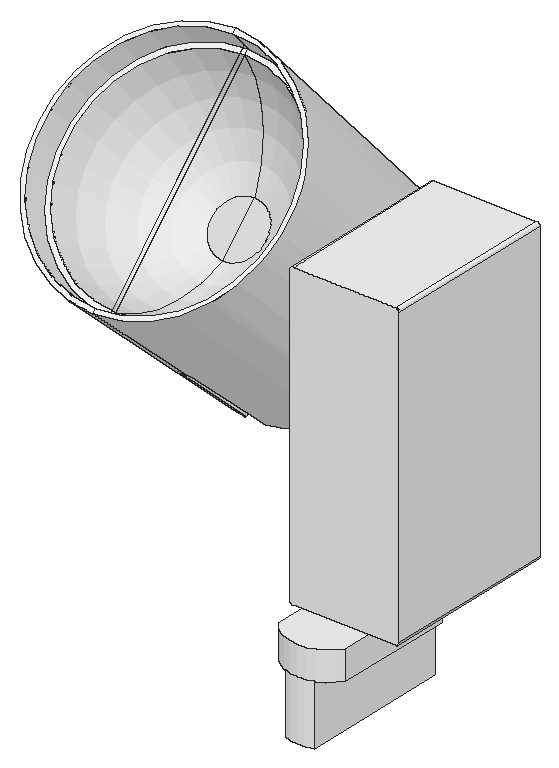
Revit family "0004830 Feilo Sylvania Lighting Fixture START TRACK SPOT L 35W 4K RA80 MB WHITE", category Lighting Fixtures, host Face, Revit 2017 (continued)
Definition of nested family "Start Track Spot Head"
  Types (96, lengths in mm): name | Wattage | built-in parameter 1150134 | Photometric Web File | Model | built-in parameter 1150105 | Lumens | built-in parameter 1150107 | built-in parameter 1150106 | HeadThickness_FEILO | HeadRibOffset_FEILO | HeadRibDepth_FEILO | HeadRibCutWidth_FEILO | HeadRibCutOffset_FEILO | HeadReflectorRadius_FEILO | HeadReflectorOffset_FEILO | HeadLEDRadius_FEILO | HeadHeight_FEILO | HeadDiffusorOffset_FEILO | HeadDiaOut_FEILO | HeadDiaIn_FEILO | HeadAxisFromTop_FEILO | Emit from Circle Diameter | built-in parameter 1150104 | Description | Apparent Load
    0004812 START TRACK SPOT S 14W 3K RA80 MB WHITE | 14 W | (empty or 0) | "0004812.ies" | "START TRACK SPOT S 14W 3K RA80 MB WHITE" | 120.32 (stored number, unit not read) | 1512 lm | 3000 (stored number, unit not read) | 1.2032 (stored number, unit not read) | 1.5 | 4.179 | 55.714 | 7.167 | 50.87 | 50.588 | 55.714 | 9.556 | 117 | 9.435 | 86 | 77.477 | 69.354 | 77.477 | 10.034 (stored number, unit not read) | "Integrated LED spotlight, Textured White - RAL9016, compact and minimalist design, ideal for retail applications, die-cast aluminium body, passive cooling heatsink. Beam angle: 36°, color temperature: 3000K , total system power: 14W, total fixture output: 1508 lm, LOR: 100%, colour rendering: Ra: 80 typical, LED Chromaticity: 3 step MacAdam ellipse, lifetime: >50000 hours at L70B50, energy class: A++, A+, A, IR/UV free light source without heat radiation, operating voltage: 220-240V / 50-60Hz, drive current: 350mA, electronic driver, non-dimmable, power factor: 0.92, electrical protection: Class II, Global Track 3 Phase adapter suitable for Global trac 3-circuit tracks, ingress protection rating: IP20, suitable for internal environment only, horizontal rotation: 355°, vertical tilt: 90°, dimensions: Ø86x140x200, weight: 0.940kg." | 14 VA
    0004811 START TRACK SPOT S 14W 3K RA80 NB WHITE | 14 W | (empty or 0) | "0004811.ies" | "START TRACK SPOT S 14W 3K RA80 NB WHITE" | 123.66 (stored number, unit not read) | 1554 lm | 3000 (stored number, unit not read) | 1.2366 (stored number, unit not read) | 1.5 | 4.179 | 55.714 | 7.167 | 50.87 | 50.588 | 55.714 | 9.556 | 117 | 9.435 | 86 | 77.477 | 69.354 | 77.477 | 10.312 (stored number, unit not read) | "Integrated LED spotlight, Textured White - RAL9016, compact and minimalist design, ideal for retail applications, die-cast aluminium body, passive cooling heatsink. Beam angle: 12°, color temperature: 3000K , total system power: 14W, total fixture output: 1551 lm, LOR: 100%, colour rendering: Ra: 80 typical, LED Chromaticity: 3 step MacAdam ellipse, lifetime: >50000 hours at L70B50, energy class: A++, A+, A, IR/UV free light source without heat radiation, operating voltage: 220-240V / 50-60Hz, drive current: 350mA, electronic driver, non-dimmable, power factor: 0.92, electrical protection: Class II, Global Track 3 Phase adapter suitable for Global trac 3-circuit tracks, ingress protection rating: IP20, suitable for internal environment only, horizontal rotation: 355°, vertical tilt: 90°, dimensions: Ø86x140x200, weight: 0.940kg." | 14 VA
  Reference planes
    plane 1 "Center (Front/Back)": y = 0
    plane 2: z = 0
    plane 3 "Center (Left/Right)": x = 0
    plane 4: x = 43
    plane 5: x = -43
    plane 6: x = -38.739
    plane 7: x = 38.739
    plane 8: z = 69.354
    plane 9: z = -47.646
    plane 10: x = -41.5
    plane 11: x = -37.239
    plane 12: z = -38.211
    plane 13: z = -35.211
    plane 14: z = 8.068
    plane 15: x = -9.556
    plane 16: x = -28.667
    plane 17: x = -19.111
    plane 18: x = -27.167
    plane 19: x = -17.611
    plane 20: x = -8.056
    plane 21: z = 13.64
    plane 22: x = -29.667
    plane 23: x = -26.167
    plane 24: x = -20.111
    plane 25: x = -16.611
    plane 26: x = -10.556
    plane 27: x = -7.056
    plane 28: x = -36.239
    plane 29: x = -40.5
    plane 30: z = 65.175
    plane 31: z = 60.997
    plane 32: z = 56.818
    plane 33: z = 18.484
    plane 34: y = -43
    plane 35: y = 43
    plane 36: y = 3.583
    plane 37: y = -3.583
    plane 38: y = -2.583
    plane 39: y = 2.583
    plane 40: y = 46
    plane 41: z = 13.5
    plane 42: z = -13.5
    plane 43: y = 39
    plane 44: x = 4.708
    plane 45: x = -2.458
    plane 46: x = -1.458
    plane 47: x = 1.458
  Forms (mm)
    Extrusion 1, solid
      sketch origin (4.2, 0, 0) x (1, 0, 0) y (0, 1, 0)
        loop
          line (-1219.2, 1219.2) -> (-1219.2, -1219.2) -> (1219.2, -1219.2) -> (1219.2, 1219.2) -> (-1219.2, 1219.2)
      from 0 to -68.017
    Revolve 2, solid, material <- "Material_1_FEILO", detail levels medium+fine
      sketch origin (0, 0, 0) x (1, 0, 0) y (0, 0, 1)
        loop
          line (-43, -47.646) -> (-41.5, -47.646) -> (-40.5, -35.211) -> (-38.739, -35.211)
          arc (-38.739, -35.211) -> (-30.16, -9.517) -> (-9.556, 8.068) r 50.588
          line (-9.556, 8.068) -> (0, 8.068) -> (0, 13.64) -> (-16.611, 13.64) -> (-17.611, 60.997) -> (-19.111, 60.997) -> (-20.111, 13.64) -> (-36.239, 13.64) -> (-37.239, 69.354) -> (-38.739, 69.354) -> (-43, -47.646)
        axis (0, 69.354) -> (0, -47.646)
      angle from 360 to 0
    Extrusion 3, void
      sketch origin (0, 0, 0) x (0, 1, 0) y (0, 0, 1)
        loop
          line (-3.583, 69.354) -> (-2.583, 18.484) -> (1.932, 18.484) -> (2.932, 69.354) -> (-3.583, 69.354)
      from 43 to -43
    Revolve 4, solid, material <- "Material_2_FEILO", detail levels medium+fine
      sketch origin (0, 0, 0) x (1, 0, 0) y (0, 0, 1)
        loop
          line (-41.5, -38.211) -> (0, -38.211) -> (0, -35.211) -> (-41.5, -35.211) -> (-41.5, -38.211)
        axis (0, -35.211) -> (0, -38.211)
      angle from 360 to 0
    Revolve 5, solid, material <- "Material_1_FEILO"
      sketch origin (0, 0, 0) x (0, 1, 0) y (0, 0, 1)
        loop
          line (46, 0) -> (39, 0) -> (39, -13.5) -> (46, -13.5) -> (46, 0)
        axis (39, 0) -> (46, 0)
      angle from 360 to 0
    Revolve 6, solid, material <- "Material_1_FEILO", detail levels medium+fine
      sketch origin (0, 0, 0) x (1, 0, 0) y (0, 0, 1)
        loop
          line (-29.667, 13.64) -> (-26.167, 13.64) -> (-27.167, 65.175) -> (-28.667, 65.175) -> (-29.667, 13.64)
        loop
          line (-10.556, 13.64) -> (-7.056, 13.64) -> (-7.833, 56.818) -> (-9.778, 56.818) -> (-10.556, 13.64)
        axis (0, 65.175) -> (0, 13.64)
      angle from 360 to 0
    Extrusion 7, void
      sketch origin (0, 0, 0) x (1, 0, 0) y (0, 0, 1)
        loop
          line (4.708, 69.354) -> (-2.458, 69.354) -> (-1.458, 13.64) -> (1.458, 13.64) -> (4.708, 69.354)
      from -43 to 43
    Revolve 8, solid, material <- "Material_1_FEILO", detail levels coarse
      sketch origin (0, 0, 0) x (1, 0, 0) y (0, 0, 1)
        loop
          line (0, 69.354) -> (-38.739, 69.354) -> (-43, -47.646) -> (-41.5, -47.646) -> (-40.731, -38.211) -> (0, -38.211) -> (0, 69.354)
        axis (0, 69.354) -> (0, -47.646)
      angle from 360 to 0
  Cuts and joins
    Extrusion 3 cuts Revolve 2
    Extrusion 7 cuts Revolve 6
  Dimensions and locks
    equal spacing: plane 7, plane 3 "Center (Left/Right)", plane 6
    equal spacing: plane 4, plane 3 "Center (Left/Right)", plane 5
    "HeadDiaOut_FEILO": plane 4 to plane 5
    "HeadDiaIn_FEILO": plane 7 to plane 6
    "HeadHeight_FEILO": plane 8 to plane 9
    "HeadThickness_FEILO": plane 10 to plane 5
    "HeadThickness_FEILO": plane 11 to plane 6
    "HeadDiffusorOffset_FEILO": plane 12 to plane 9
    "HeadDiffusorThickness_FEILO": plane 13 to plane 12
    "HeadReflectorOffset_FEILO": plane 14 to plane 9
    "HeadLEDRadius_FEILO": plane 3 "Center (Left/Right)" to plane 15
    "HeadLEDRadius_FEILO": plane 15 to plane 17
    "HeadLEDRadius_FEILO": plane 17 to plane 16
    "HeadThickness_FEILO": plane 18 to plane 16
    "HeadThickness_FEILO": plane 19 to plane 17
    "HeadThickness_FEILO": plane 20 to plane 15
    "HeadRibDepth_FEILO": plane 8 to plane 21
    "HeadDraft_FEILO": plane 16 to plane 22
    "HeadDraft_FEILO": plane 23 to plane 18
    "HeadDraft_FEILO": plane 17 to plane 24
    "HeadDraft_FEILO": plane 25 to plane 19
    "HeadDraft_FEILO": plane 15 to plane 26
    "HeadDraft_FEILO": plane 27 to plane 20
    "HeadDraft_FEILO": plane 29 to plane 10
    "HeadDraft_FEILO": plane 28 to plane 11
    "HeadRibOffset_FEILO": plane 8 to plane 30
    "HeadRibOffset_FEILO": plane 30 to plane 31
    "HeadRibOffset_FEILO": plane 31 to plane 32
    "HeadAxisFromTop_FEILO": plane 8 to plane 2
    "HeadRibCutOffset_FEILO": plane 8 to plane 33
    equal spacing: plane 34, plane 1 "Center (Front/Back)", plane 35
    "HeadDiaOut_FEILO": plane 34 to plane 35
    equal spacing: plane 38, plane 1 "Center (Front/Back)", plane 39
    equal spacing: plane 37, plane 1 "Center (Front/Back)", plane 36
    "HeadRibCutWidth_FEILO": plane 37 to plane 36
    "HeadDraft_FEILO": plane 37 to plane 38
    locked: plane 35 to plane 40 at 3
    equal spacing: plane 41, plane 2, plane 42
    locked: plane 42 to plane 41 at 27
    locked: plane 43 to plane 35 at 4
    equal spacing: plane 45, imposter light, plane 44
    "HeadDraft_FEILO": plane 46 to plane 45
    "HeadRibCutWidth_FEILO": plane 44 to plane 45
    equal spacing: plane 47, plane 3 "Center (Left/Right)", plane 46
    "HeadReflectorRadius_FEILO": radius of Revolve 2 sketch curve
    aligned and locked: plane 2 to Extrusion 1
    aligned and locked: level to Extrusion 1
    aligned and locked: Revolve 2 sketch curve to plane 3 "Center (Left/Right)"  (x2)
    aligned and locked: plane 9 to Revolve 2 sketch curve  (x2)
    aligned and locked: plane 5 to Revolve 2 sketch curve
    aligned and locked: plane 10 to Revolve 2 sketch curve
    aligned and locked: plane 14 to Revolve 2 sketch curve
    aligned and locked: plane 8 to Revolve 2 sketch curve
    aligned and locked: Revolve 2 sketch curve to plane 13
    aligned and locked: plane 12 to Revolve 4 sketch curve
    aligned and locked: plane 3 "Center (Left/Right)" to Revolve 4 sketch curve
    aligned and locked: Revolve 4 sketch curve to plane 10
    aligned and locked: Revolve 4 sketch curve to plane 3 "Center (Left/Right)"
    aligned and locked: plane 12 to imposter light
    aligned and locked: imposter light to plane 1 "Center (Front/Back)"
    aligned and locked: Revolve 5 sketch curve to plane 2
    aligned and locked: plane 43 to Revolve 5 sketch curve
    aligned and locked: plane 42 to Revolve 5 sketch curve
    aligned and locked: Revolve 6 sketch curve to plane 3 "Center (Left/Right)"
    aligned and locked: plane 22 to Revolve 6 sketch curve
    aligned and locked: plane 30 to Revolve 6 sketch curve
    aligned and locked: plane 23 to Revolve 6 sketch curve
    aligned and locked: Revolve 6 sketch curve to plane 21  (x2)
    aligned and locked: plane 21 to Revolve 6 sketch curve
    aligned and locked: plane 17 to Revolve 2 sketch curve
    aligned and locked: plane 19 to Revolve 2 sketch curve
    aligned and locked: plane 31 to Revolve 2 sketch curve
    aligned and locked: plane 21 to Revolve 2 sketch curve
    aligned and locked: Extrusion 3 to plane 8
    aligned and locked: plane 33 to Extrusion 3
    aligned and locked: plane 8 to Extrusion 3 sketch curve
    aligned and locked: Extrusion 3 sketch curve to plane 33
    aligned and locked: Extrusion 3 to plane 5
    aligned and locked: plane 4 to Extrusion 3
    aligned and locked: plane 32 to Revolve 6 sketch curve
    aligned and locked: plane 44 to Extrusion 7 sketch curve
    aligned and locked: Extrusion 7 sketch curve to plane 8
    aligned and locked: plane 46 to Extrusion 7 sketch curve
    aligned and locked: plane 21 to Extrusion 7 sketch curve
    aligned and locked: plane 34 to Extrusion 7
    aligned and locked: Extrusion 7 to plane 35
    aligned and locked: Revolve 4 sketch curve to plane 13
    aligned and locked: Revolve 5 sketch curve to plane 40
    aligned and locked: Revolve 8 sketch curve to plane 3 "Center (Left/Right)"
    aligned and locked: Revolve 8 sketch curve to cut or joined group of Revolve 2, Extrusion 3  (x3)
    aligned and locked: plane 5 to Revolve 8 sketch curve
    aligned and locked: plane 3 "Center (Left/Right)" to Revolve 8 sketch curve
    aligned and locked: plane 12 to Revolve 8 sketch curve
  Automatic sketch dimensions
    Extrusion 1 sketch curve to Extrusion 1 sketch curve = 2438.4 mm  (x2)
    Extrusion 3 sketch curve to plane 37 = 0 mm
    Extrusion 3 sketch curve to plane 38 = 0 mm
    plane 39 to Extrusion 3 sketch curve = 0.651 mm
    Extrusion 3 sketch curve to plane 39 = 0.349 mm
    Revolve 6 sketch curve to plane 16 = 0 mm
    Revolve 6 sketch curve to plane 18 = 0 mm
    Revolve 6 sketch curve to plane 26 = 0 mm
    Revolve 6 sketch curve to plane 27 = 0 mm
    Revolve 6 sketch curve to plane 15 = 0.222 mm
    plane 9 to Revolve 6 sketch curve = 559.103 mm
    Revolve 6 sketch curve to plane 8 = 2535.555 mm
    plane 20 to Revolve 6 sketch curve = 0.222 mm
    Revolve 2 sketch curve to plane 29 = 0 mm
    Revolve 2 sketch curve to plane 6 = 0 mm  (x2)
    Revolve 2 sketch curve to plane 11 = 0 mm
    Revolve 2 sketch curve to plane 21 = 0 mm
    Revolve 2 sketch curve to plane 28 = 0 mm
    Revolve 2 sketch curve to plane 24 = 0 mm
    Revolve 2 sketch curve to plane 25 = 0 mm
    Revolve 2 sketch curve to plane 15 = 0 mm
    Revolve 2 sketch curve to Revolve 2 sketch curve = 557.155 mm
    Revolve 2 sketch curve to plane 8 = 2535.558 mm
    Extrusion 7 sketch curve to plane 45 = 0 mm
    Extrusion 7 sketch curve to plane 47 = 0 mm
    plane 9 to Revolve 4 sketch curve = 559.103 mm
    Revolve 4 sketch curve to plane 8 = 2535.555 mm
    Revolve 5 sketch curve to level = 0 mm
    plane 34 to Revolve 5 sketch curve = 1968.092 mm
    Revolve 5 sketch curve to plane 40 = 1405.763 mm
    Revolve 8 sketch curve to plane 6 = 0 mm
    Revolve 8 sketch curve to plane 29 = 0.231 mm
    plane 9 to Revolve 8 sketch curve = 559.103 mm
    Revolve 8 sketch curve to Revolve 8 sketch curve = 2535.555 mm
Definition of nested family "Start Track Spot Box"
  Parameters (values of type "Type Large White")
    URL = "http://www.feilosylvania.com"
    Type Image = (empty or 0)
    Type Comments = "n/a"
    Small_FEILO = no
    Material_3_FEILO = none
    Model = ""
    Manufacturer = "Feilo Sylvania"
    Keynote = ""
    Material_2_FEILO = none
    Description = ""
    Default Elevation = 1219.2 mm
    Cost = 0
    Material_1_FEILO = none
    BoxWidth_FEILO = 49 mm
    BoxStartAngle_FEILO [instance] = 0.00°
    BoxRadius_FEILO = 1.5 mm
    BoxHeight_FEILO = if(Small_FEILO, 112 mm, 136 mm)  # 136 mm
    BoxEndAngle_FEILO [instance] = BoxStartAngle_FEILO - 180.00°  # -180.00°
    BoxDepth_FEILO = if(Small_FEILO, 71.5 mm, 79 mm)  # 79 mm
    BoxAxisVerticalOffset_FEILO = 16 mm
    BoxAxisOffset_FEILO = BoxHeight_FEILO / 6.8  # 20 mm
    Assembly Code = ""
    Material_4_FEILO = none
  Types (4, lengths in mm): name | Small_FEILO | BoxHeight_FEILO | BoxDepth_FEILO | BoxAxisOffset_FEILO
    Type Large White | no | 136 | 79 | 20
    Type Small White | yes | 112 | 71.5 | 16.471
    Type Small Black | yes | 112 | 71.5 | 16.471
    Type Large Black | no | 136 | 79 | 20
  Reference planes
    plane 1 "Center (Front/Back)": y = 0
    plane 2: z = 0
    plane 3 "Center (Left/Right)": x = 0
    plane 4: x = 24.5
    plane 5: x = -24.5
    plane 6: y = 68
    plane 7: y = -68
    plane 8: z = 39.5
    plane 9: z = -39.5
    plane 10: y = -48
    plane 11: x = 30.5
    plane 12: x = 8.5
    plane 13: x = 21.5
    plane 14: y = 70
    plane 15: y = 72
    plane 16: x = 19.5
  Forms (mm)
    Extrusion 1, solid
      sketch origin (4.2, 0, 0) x (1, 0, 0) y (0, 1, 0)
        loop
          line (-1219.2, 1219.2) -> (-1219.2, -1219.2) -> (1219.2, -1219.2) -> (1219.2, 1219.2) -> (-1219.2, 1219.2)
      from 0 to -68.017
    Extrusion 2, solid, material <- "Material_1_FEILO"
      sketch origin (0, 0, 0) x (1, 0, 0) y (0, 1, 0)
        loop
          arc (-23, 68) -> (-24.061, 67.561) -> (-24.5, 66.5) r 1.5
          line (-24.5, 66.5) -> (-24.5, -66.5)
          arc (-24.5, -66.5) -> (-24.061, -67.561) -> (-23, -68) r 1.5
          line (-23, -68) -> (23, -68)
          arc (23, -68) -> (24.061, -67.561) -> (24.5, -66.5) r 1.5
          line (24.5, -66.5) -> (24.5, 66.5)
          arc (24.5, 66.5) -> (24.061, 67.561) -> (23, 68) r 1.5
          line (23, 68) -> (-23, 68)
      from -39.5 to 39.5
    Revolve 3, solid, not visible
      sketch origin (0, 0, 0) x (1, 0, 0) y (0, 1, 0)
        loop
          line (30.5, -48) -> (24.5, -48) -> (24.5, -68) -> (30.5, -68) -> (30.5, -48)
        axis (30.5, -48) -> (24.5, -48)
      angle from 0 <- "BoxStartAngle_FEILO" to -180 <- "BoxEndAngle_FEILO"
    Revolve 4, solid, material <- "Material_2_FEILO"
      sketch origin (0, 0, 0) x (1, 0, 0) y (0, 1, 0)
        loop
          line (8.5, 68) -> (19.5, 68) -> (19.5, 70) -> (21.5, 70) -> (21.5, 72) -> (8.5, 72) -> (8.5, 68)
        axis (8.5, 72) -> (8.5, 68)
      angle from 360 to 0
  Dimensions and locks
    equal spacing: plane 5, plane 3 "Center (Left/Right)", plane 4
    "BoxWidth_FEILO": plane 5 to plane 4
    equal spacing: plane 7, plane 1 "Center (Front/Back)", plane 6
    "BoxHeight_FEILO": plane 7 to plane 6
    equal spacing: plane 8, plane 2, plane 9
    "BoxDepth_FEILO": plane 8 to plane 9
    "BoxAxisOffset_FEILO": plane 7 to plane 10
    locked: plane 4 to plane 11 at 6
    "BoxAxisVerticalOffset_FEILO": plane 12 to plane 4
    locked: plane 12 to plane 13 at 13
    plane 6 to plane 14 to plane 15 = 2 mm locked, 2 mm locked
    locked: plane 12 to plane 16 at 11
    "BoxRadius_FEILO": radius of Extrusion 2 sketch curve  (x4)
    aligned and locked: plane 2 to Extrusion 1
    aligned and locked: level to Extrusion 1
    aligned and locked: plane 6 to Extrusion 2 sketch curve
    aligned and locked: plane 5 to Extrusion 2 sketch curve
    aligned and locked: Extrusion 2 sketch curve to plane 7
    aligned and locked: Extrusion 2 sketch curve to plane 4
    aligned and locked: Extrusion 2 to plane 8
    aligned and locked: plane 9 to Extrusion 2
    aligned and locked: Revolve 3 sketch curve to plane 10  (x2)
    aligned and locked: plane 11 to Revolve 3 sketch curve
    aligned and locked: Revolve 3 sketch curve to plane 4
    aligned and locked: plane 7 to Revolve 3 sketch curve
    aligned and locked: Revolve 4 sketch curve to plane 12
    aligned and locked: plane 6 to Revolve 4 sketch curve
    aligned and locked: plane 12 to Revolve 4 sketch curve
    aligned and locked: plane 15 to Revolve 4 sketch curve
    aligned and locked: Revolve 4 sketch curve to plane 13
    aligned and locked: Revolve 4 sketch curve to plane 14
    aligned and locked: Revolve 4 sketch curve to plane 16
    aligned and locked: Revolve 4 sketch curve to plane 6
  Automatic sketch dimensions
    Extrusion 1 sketch curve to Extrusion 1 sketch curve = 2438.4 mm  (x2)
    Revolve 3 sketch curve to plane 5 = 1499.5 mm
    plane 11 to Revolve 3 sketch curve = 1493.5 mm
    plane 15 to Revolve 4 sketch curve = 0 mm
    plane 7 to Revolve 4 sketch curve = 1456 mm
    Revolve 4 sketch curve to plane 15 = 1452 mm
